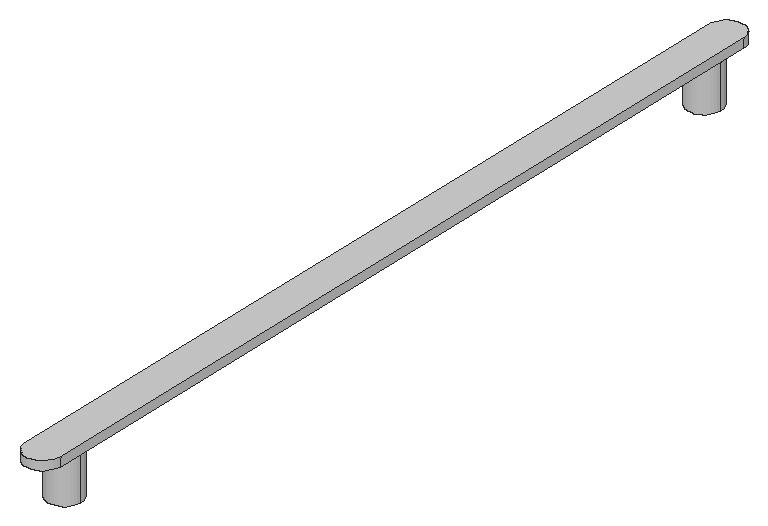
Revit family "URBANE II - HEATED TOWEL RAIL VERTICAL", category Specialty Equipment, host Face, Revit 2020
Family settings
  Host = Face
  Round Connector Dimension = Use Radius
  Part Type = Normal
  OmniClass Number = 23.40.20.21.27
  OmniClass Title = Towel Bars
  Cut with Voids When Loaded = No
  Shared = No
  Room Calculation Point = No
Parameters (values of type "URBANE II - HEATED TOWEL RAIL VERTICAL  - CHROME")
  URL = "https://www.caroma.com.au/"
  Model = "11202085C"
  Material_Base = GWA_Metal-Chrome
  Manufacturer = "GWA Bathrooms & Kitchens"  # constant formula
  Description = "URBANE II - HEATED TOWEL RAIL VERTICAL  - CHROME"
  Default Elevation = 1000.00 mm
  CreatedBy_ANZRS = "GWA Bathrooms & Kitchens"  # constant formula
  Assembly Code = "C1030220"
Types (7, lengths in mm): name | Model | Material_Base | Description
  (no name) | "11202085C" | GWA_Metal-Chrome | "URBANE II - HEATED TOWEL RAIL VERTICAL  - CHROME"
  URBANE II - HEATED TOWEL RAIL VERTICAL  - CHROME | "11202085C" | GWA_Metal-Chrome | "URBANE II - HEATED TOWEL RAIL VERTICAL  - CHROME"
  URBANE II - HEATED TOWEL RAIL VERTICAL  - MATTE BLACK | "11202085B" | GWA-Metal-Black | "URBANE II - HEATED TOWEL RAIL VERTICAL  - MATTE BLACK"
  URBANE II - HEATED TOWEL RAIL VERTICAL  - BRUSHED NICKEL | "11202085BN" | GWA_Metal-Brushed-Nickel | "URBANE II - HEATED TOWEL RAIL VERTICAL  - BRUSHED NICKEL"
  URBANE II - HEATED TOWEL RAIL VERTICAL  - BRUSHED BRASS | "11202085BB" | GWA_Metal-Brushed-Brass | "URBANE II - HEATED TOWEL RAIL VERTICAL  - BRUSHED BRASS"
  URBANE II - HEATED TOWEL RAIL VERTICAL  - GUNMETAL | "11202085GM" | GWA-Metal-Gunmetal Grey | "URBANE II - HEATED TOWEL RAIL VERTICAL  - GUNMETAL"
  URBANE II - HEATED TOWEL RAIL VERTICAL  - BRUSHED BRONZE | "11202085BBZ" | GWA_Metal-Brushed-Bronze | "URBANE II - HEATED TOWEL RAIL VERTICAL  - BRUSHED BRONZE"
Reference planes
  plane 1 "Center (Front/Back)": y = 0
  plane 2: z = 0
  plane 3 "Center (Left/Right)": x = 0
Forms (mm)
  Extrusion 1, solid, material "GWA_Metal-Chrome" <- "Material_Base"
    sketch origin (0, 450, 0) x (1, 0, 0) y (0, 1, 0)
      loop
        circle (0, 0) r 19
    from 0 to 50
  Extrusion 2, solid, material "GWA_Metal-Chrome" <- "Material_Base"
    sketch origin (0, -450, 0) x (1, 0, 0) y (0, 1, 0)
      loop
        circle (0, 0) r 19
    from 0 to 50
  Extrusion 3, solid, material "GWA_Metal-Chrome" <- "Material_Base"
    sketch origin (0, 0, 0) x (1, 0, 0) y (0, 1, 0)
      loop
        arc (20, 480) -> (0, 500) -> (-20, 480) r 20
        line (-20, 480) -> (-20, -480)
        arc (-20, -480) -> (0, -500) -> (20, -480) r 20
        line (20, -480) -> (20, 480)
    from 50 to 60
Lines and regions (mm)
  Masking region 1
    outline origin (0, 0, 0) x (1, 0, 0) y (0, 1, 0)
      loop
        line (-20, 480) -> (-20, -480)
        arc (-20, -480) -> (0, -500) -> (20, -480) r 20
        line (20, -480) -> (20, 480)
        arc (20, 480) -> (0, 500) -> (-20, 480) r 20
  Masking region 2
    outline origin (0, 0, 0) x (1, 0, 0) y (0, 0, 1)
      loop
        line (-20, 60) -> (-20, 50) -> (20, 50) -> (20, 60) -> (-20, 60)
  Masking region 3
    outline origin (0, 0, 0) x (1, 0, 0) y (0, 0, 1)
      loop
        line (-19, 50) -> (-19, 0) -> (19, 0) -> (19, 50) -> (-19, 50)
  Masking region 4
    outline origin (300, 0, 0) x (0, 1, 0) y (0, 0, 1)
      loop
        line (500, 60) -> (-500, 60) -> (-500, 50) -> (-469, 50) -> (-469, 0) -> (-431, 0) -> (-431, 50) -> (431, 50) -> (431, 0) -> (469, 0) -> (469, 50) -> (500, 50) -> (500, 60)
  symbolic lines
    curve 1: line (-20, 480, 0) -> (-20, -480, 0)
    curve 2: arc (-20, -480, 0) -> (0, -500, 0) -> (20, -480, 0) r 20
    curve 3: line (20, -480, 0) -> (20, 480, 0)
    curve 4: arc (20, 480, 0) -> (0, 500, 0) -> (-20, 480, 0) r 20
    curve 5: line (-20, 0, 60) -> (20, 0, 60)
    curve 6: line (-20, 0, 50) -> (-20, 0, 60)
    curve 7: line (20, 0, 50) -> (-20, 0, 50)
    curve 8: line (20, 0, 60) -> (20, 0, 50)
    curve 9: line (-19, 0, 0) -> (-19, 0, 50)
    curve 10: line (19, 0, 0) -> (19, 0, 50)
    curve 11: line (19, 0, 0) -> (-19, 0, 0)
    curve 12: line (300, 500, 60) -> (300, -500, 60)
    curve 13: line (300, -500, 50) -> (300, 500, 50)
    curve 14: line (300, 500, 60) -> (300, 500, 50)
    curve 15: line (300, 469, 0) -> (300, 431, 0)
    curve 16: line (300, -431, 0) -> (300, -469, 0)
    curve 17: line (300, -500, 50) -> (300, -500, 60)
    curve 18: line (300, -469, 0) -> (300, -469, 50)
    curve 19: line (300, -431, 0) -> (300, -431, 50)
    curve 20: line (300, 431, 0) -> (300, 431, 50)
    curve 21: line (300, 469, 0) -> (300, 469, 50)
Dimensions and locks
  aligned and locked: plane 2 to host face
  aligned and locked: level to host face
